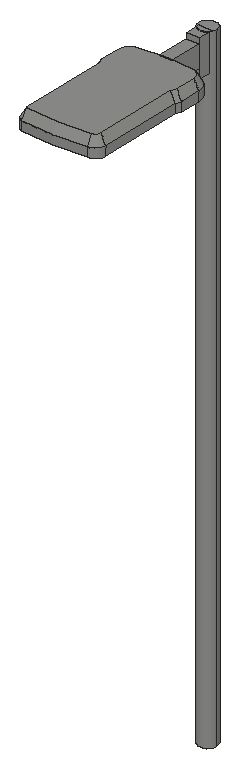
Revit family "VP-3-A_U", category Lighting Fixtures, host Face, Revit 2019
Family settings
  Host = Face
  Round Connector Dimension = Use Diameter
  Part Type = Normal
  OmniClass Number = 23.80.70.11.14.17
  OmniClass Title = Direct/Indirect
  Cut with Voids When Loaded = No
  Light Source = No
  Shared = Yes
  Room Calculation Point = No
Parameters (values of type "VP-3-A3U")
  Wattage Comments = "423.2W"
  Warranty = "Five year warranty"  # constant formula
  Voltage = 120 V
  URL = "https://www.currentlighting.com/beacon"
  Type Comments = "Lighting Fixture"  # constant formula
  Size-3 = SIZE3_A_ : SIZE3_A_
  Product Page URL = "https://www.currentlighting.com/outdoor-lighting/viper-area-size-3/9606405"
  Product Documentation Link = "https://cdn.currentlighting.com/site/specsheet/BEA_VIPERSPEC.pdf"
  Power Factor = 0.9
  Pole Radius [instance] = Pole Size / 2  # 1.75"
  Pole Height [instance] = 122.00"
  Name = "Viper Area Size 3"  # constant formula
  Mounting Block Size [instance] = Pole Size - 1.00"  # 2.50"
  Model = "VP-3-A3U"
  Matt Grey = MATT GREY
  Matt Black = Matt Black
  Manufacturer = "Current Lighting"  # constant formula
  Load Classification = Lighting
  Light Output = 30846.00 cd/m²
  Lamp = "LED"  # constant formula
  Grey = Grey
  Glass = Glass
  Pole Size [instance] = 3.50"
  Features = "Featuring two different optical technologies, Micro Strike and Strike Optics, which provide the best distribution patterns for retrofit or new construction\r\nVibration rated for high vibration applications including bridges and overpasses\r\nControl options including photo control, occupancy sensing, NX Lighting Controls, wiSCAPE and 7-Pin with networked controls\r\nMounting options include: Arm, Universal Arm, Adjustable Arm, Mast Arm, Decorative Arm, Knuckle, Trunnion, Wall\r\nDistribution options include: Auto Front Row, Type 2, Type 3, Type 4 Forward, Type 4 Wide, Type 5 Narrow, Type 5 Medium, Type 5 Wide, Type 5 Rectangular, Corner Optic, and Tennis Court\r\n\r\n"  # constant formula
  Copyright = "© 2022 Current Lighting"  # constant formula
  Cool Grey = Cool Grey
  Contact Us = "https://www.currentlighting.com/contact-us"
  Certification = "UL"  # constant formula
  Description = "The Viper is an extremely versatile area/site luminaire which blends design, performance, and technology for a variety of applications."  # constant formula
  Default Elevation = 48.00"
  Finish = Arctic White
  Matt White = Matt White
  CRI = "70"  # constant formula
  Brand = "Beacon"  # constant formula
  Assembly Code = "D5020200"
  Apparent Load = 423.2 VA
Reference planes (in)
  plane 1 "Center (Front/Back)": y = 6.16697
  plane 2: z = 0
  plane 3 "Center (Left/Right)": x = 0
  plane 4: z = 3.75
  plane 5: z = -4.44
  plane 6: x = -1.75
  plane 7: x = 1.75
  plane 8: y = 4.41697
  plane 9: y = 7.91697
  plane 10: z = 122
Forms (in)
  Extrusion 1, solid, material "Cool Grey" <- "Cool Grey"
    sketch origin (0, 0, 0) x (1, 0, 0) y (0, 1, 0)
      loop
        circle (0, 6.16697) r 1.75
    from 0 to 122
Lines and regions (in)
  reference lines
    curve 1: line (0, 14.42606, -3.25) -> (0, 17.42606, -0.25)
    curve 2: line (0, -2.09213, -3.25) -> (0, 14.42606, -3.25)
    curve 3: line (0, -5.09213, -0.25) -> (0, -2.09213, -3.25)
    curve 4: line (0, 14.42606, -3.25) -> (0, 17.42606, -0.25)
    curve 5: line (0, -5.09213, -0.25) -> (0, 17.42606, -0.25)
    curve 6: line (0, 17.17606, -0.77432) -> (0, 17.92606, -0.77432)
    curve 7: line (0, 17.17606, -1.52432) -> (0, 17.17606, -0.77432)
    curve 8: line (0, 16.69614, -1.52432) -> (0, 17.17606, -1.52432)
    curve 9: line (0, 14.92606, -4.25) -> (0, 16.69614, -1.52432)
    curve 10: line (0, -4.3622, -1.52432) -> (0, -2.59213, -4.25)
    curve 11: line (0, -4.84213, -1.52432) -> (0, -4.3622, -1.52432)
    curve 12: line (0, -4.84213, -0.77432) -> (0, -4.84213, -1.52432)
    curve 13: line (0, -5.59213, -0.77432) -> (0, -4.84213, -0.77432)
Dimensions and locks (in)
  plane 4 to plane 2 = 3.75"
  "Pole Size": plane 8 to plane 9
  equal spacing: plane 8, plane 1 "Center (Front/Back)", plane 9
  equal spacing: plane 6, plane 3 "Center (Left/Right)", plane 7
  "Pole Size": plane 6 to plane 7
  "Pole Height": plane 10 to plane 2
  "Pole Radius": radius of Extrusion 1 sketch curve
  aligned and locked: plane 2 to host face
  aligned and locked: level to host face
  aligned and locked: plane 10 to Extrusion 1
  aligned and locked: plane 3 "Center (Left/Right)" to nested 1
  aligned and locked: plane 10 to nested 1
Automatic sketch dimensions
  host sketch curve to host sketch curve = 96.00"
  host sketch curve to host sketch curve = 85.00"
  curve 3 to level = 0.25"
  plane 8 to curve 3 = 9.50909"
  curve 3 to curve 12 = 0.25"
  curve 11 to curve 11 = 0.47992"
  curve 2 to plane 5 = 1.19"
  curve 10 to curve 2 = 2.27008"
  curve 1 to plane 9 = 6.50909"
  curve 9 to level = 1.52432"
  curve 1 to curve 9 = 2.27008"
  curve 8 to curve 8 = 0.47992"
  curve 6 to curve 4 = 0.25"
  curve 10 to curve 3 = 1.27432"
  curve 7 to curve 1 = 0.52432"
  curve 12 to curve 3 = 0.52432"
  curve 13 to curve 3 = 0.50"
  curve 10 to plane 5 = 0.19"
  curve 10 to curve 2 = 0.50"
  curve 9 to plane 5 = 0.19"
  curve 1 to curve 9 = 0.50"
  curve 1 to curve 6 = 0.50"
  plane 1 "Center (Front/Back)" to Extrusion 1 sketch curve = 0.00"
  Extrusion 1 sketch curve to plane 3 "Center (Left/Right)" = 0.00"
Nested families (in)
  nested 1: "SIZE3_A_" at (0, 4.41697, 119.21322) x (1, 0, 0) z (0, -1, 0), type <- "Size-3", type "SIZE3_A_"
Connectors (in)
  electrical at (0, 6.16697, 0), driven by "Power Factor", driven by "Apparent Load", driven by "Voltage"
    settings: on Extrusion 1, index 1, voltage 120 V, apparent load 423.2 VA, apparent load phase1 0 VA, apparent load phase2 0 VA, apparent load phase3 0 VA, power factor 0.9, load classification "Other", number of poles 1, system type 30, power factor state 1, is connector primary yes, connector utility no, sub classification motor no, connector description "Light Fixture"
Definition of nested family "SIZE3_A_"
  Parameters (values of type "SIZE3_A_")
    Width = 16.11"
    Wattage = 423.2 W
    built-in parameter 1150110 = 1 (stored number, unit not read)
    built-in parameter 1114217 = 1 (stored number, unit not read)
    Tilt Angle = 160.00°
    built-in parameter 1150109 = 1 (stored number, unit not read)
    built-in parameter 1150134 = 3
    built-in parameter 1150113 = 1 (stored number, unit not read)
    Photometric Web File = "VP-3-480L-425-3K7-4W-BC.ies"
    Mounting Base Width = 2.50"
    Mount Length = 7.50"
    built-in parameter 1150105 = 2458.4 (stored number, unit not read)
    Lumens = 30893.6 lm
    built-in parameter 1150115 = 1 (stored number, unit not read)
    built-in parameter 1150137 = (empty or 0)
    built-in parameter 1150139 = (empty or 0)
    Length = 26.97"
    built-in parameter 1150112 = 1 (stored number, unit not read)
    built-in parameter 1150114 = 1 (stored number, unit not read)
    built-in parameter 1150132 = (empty or 0)
    built-in parameter 1150102 = (empty or 0)
    built-in parameter 1150107 = 3200 (stored number, unit not read)
    built-in parameter 1150138 = (empty or 0)
    built-in parameter 1150106 = 24.584 (stored number, unit not read)
    Glass = none
    Fixture = none
    built-in parameter 1150104 = 6.7819 (stored number, unit not read)
    Dimming Lamp Color Temperature Shift = (empty or 0)
    Default Elevation = 48.00"
    Color Filter = 16777215
    built-in parameter 1114218 = 1 (stored number, unit not read)
    built-in parameter 1150133 = 10 (stored number, unit not read)
  Reference planes (in)
    plane 1 "Center (Front/Back)": y = 0
    plane 2: z = 0
    plane 3 "Center (Left/Right)": x = 0
    plane 4: x = 8.055
    plane 5: x = -8.055
    plane 6: z = 7.5
    plane 7: z = 34.47
    plane 8: y = -1.74
    plane 9: y = 1.74
    plane 10: x = 1.25
    plane 11: x = -1.25
  Forms (in)
    Extrusion 1, solid
      sketch origin (0, 0, 0) x (1, 0, 0) y (0, 1, 0)
        loop
          line (-48, 48) -> (-48, -48) -> (48, -48) -> (48, 48) -> (-48, 48)
      from 0 to -12
    Extrusion 2, solid, material <- "Fixture"
      sketch origin (0, 0, 0) x (1, 0, 0) y (0, 0, 1)
        loop
          line (-7.77472, 15.72202) -> (-8.18, 14.67799) -> (-8.18, 10.64521)
          arc (-8.18, 10.64521) -> (-7.52407, 8.68733) -> (-5.82104, 7.51974) r 3.25
          arc (-5.82104, 7.51974) -> (0, 7.02866) -> (5.82104, 7.51974) r 34.74571
          arc (5.82104, 7.51974) -> (7.52407, 8.68733) -> (8.18, 10.64521) r 3.25
          line (8.18, 10.64521) -> (8.18, 14.67799) -> (7.7425, 15.80502) -> (7.7425, 32.05879)
          arc (7.7425, 32.05879) -> (7.16964, 33.45997) -> (5.77922, 34.05846) r 2
          arc (5.77922, 34.05846) -> (-0.48981, 34.44343) -> (-6.75192, 33.95884) r 45.36519
          arc (-6.75192, 33.95884) -> (-7.48558, 33.52919) -> (-7.77472, 32.72966) r 1.25
          line (-7.77472, 32.72966) -> (-7.77472, 15.72202)
      from 0 to 1.74
    Extrusion 3, solid, material <- "Fixture"
      sketch origin (0, 0, 0) x (0, 1, 0) y (0, 0, 1)
        loop
          line (1.74, 8.13918) -> (-1.6273, 8.13918) -> (-2.86955, -1.406) -> (1.74, -1.406) -> (1.74, 8.13918)
      from -1.24 to 1.24
    Extrusion 4, void
      sketch origin (0, 0, 0) x (1, 0, 0) y (0, 0, 1)
        loop
          arc (-6.77608, 15.13973) -> (0.07705, 15.56709) -> (6.93, 15.13674) r 54.96889
          line (6.93, 15.13674) -> (6.93, 32.15182) -> (-6.77608, 32.15182) -> (-6.77608, 15.13973)
      from 1 to 1.75
    Extrusion 5, solid, material <- "Glass"
      sketch origin (0, 0, 0) x (1, 0, 0) y (0, 0, 1)
        loop
          arc (-5.55487, 32.15182) -> (-5.80236, 32.04931) -> (-5.90487, 31.80182) r 0.35
          line (-5.90487, 31.80182) -> (-5.90487, 27.00182)
          arc (-5.90487, 27.00182) -> (-5.80236, 26.75434) -> (-5.55487, 26.65182) r 0.35
          line (-5.55487, 26.65182) -> (5.55487, 26.65182)
          arc (5.55487, 26.65182) -> (5.80236, 26.75434) -> (5.90487, 27.00182) r 0.35
          line (5.90487, 27.00182) -> (5.90487, 31.80182)
          arc (5.90487, 31.80182) -> (5.80236, 32.04931) -> (5.55487, 32.15182) r 0.35
          line (5.55487, 32.15182) -> (-5.55487, 32.15182)
      from 1 to 1.35
    Extrusion 6, solid, material <- "Glass"
      sketch origin (0.75, 0, 0.125) x (1, 0, 0) y (0, 0, 1)
        loop
          circle (-5.72329, 31.32694) r 0.15
        loop
          circle (-5.20455, 31.32694) r 0.15
        loop
          circle (-4.6858, 31.32694) r 0.15
        loop
          circle (-4.16705, 31.32694) r 0.15
        loop
          circle (-3.6483, 31.32694) r 0.15
        loop
          circle (-3.12955, 31.32694) r 0.15
        loop
          circle (-2.6108, 31.32694) r 0.15
        loop
          circle (-2.09205, 31.32694) r 0.15
        loop
          circle (-1.57331, 31.32694) r 0.15
        loop
          circle (-5.72329, 30.82694) r 0.15
        loop
          circle (-5.20455, 30.82694) r 0.15
        loop
          circle (-4.6858, 30.82694) r 0.15
        loop
          circle (-4.16705, 30.82694) r 0.15
        loop
          circle (-3.6483, 30.82694) r 0.15
        loop
          circle (-3.12955, 30.82694) r 0.15
        loop
          circle (-2.6108, 30.82694) r 0.15
        loop
          circle (-2.09205, 30.82694) r 0.15
        loop
          circle (-1.57331, 30.82694) r 0.15
        loop
          circle (-5.72329, 30.32694) r 0.15
        loop
          circle (-5.20455, 30.32694) r 0.15
        loop
          circle (-4.6858, 30.32694) r 0.15
        loop
          circle (-4.16705, 30.32694) r 0.15
        loop
          circle (-3.6483, 30.32694) r 0.15
        loop
          circle (-3.12955, 30.32694) r 0.15
        loop
          circle (-2.6108, 30.32694) r 0.15
        loop
          circle (-2.09205, 30.32694) r 0.15
        loop
          circle (-1.57331, 30.32694) r 0.15
        loop
          circle (-5.72329, 29.82694) r 0.15
        loop
          circle (-5.20455, 29.82694) r 0.15
        loop
          circle (-4.6858, 29.82694) r 0.15
        loop
          circle (-4.16705, 29.82694) r 0.15
        loop
          circle (-3.6483, 29.82694) r 0.15
        loop
          circle (-3.12955, 29.82694) r 0.15
        loop
          circle (-2.6108, 29.82694) r 0.15
        loop
          circle (-2.09205, 29.82694) r 0.15
        loop
          circle (-1.57331, 29.82694) r 0.15
        loop
          circle (-5.72329, 29.32694) r 0.15
        loop
          circle (-5.20455, 29.32694) r 0.15
        loop
          circle (-4.6858, 29.32694) r 0.15
        loop
          circle (-4.16705, 29.32694) r 0.15
        loop
          circle (-3.6483, 29.32694) r 0.15
        loop
          circle (-3.12955, 29.32694) r 0.15
        loop
          circle (-2.6108, 29.32694) r 0.15
        loop
          circle (-2.09205, 29.32694) r 0.15
        loop
          circle (-1.57331, 29.32694) r 0.15
        loop
          circle (-5.72329, 28.82694) r 0.15
        loop
          circle (-5.20455, 28.82694) r 0.15
        loop
          circle (-4.6858, 28.82694) r 0.15
        loop
          circle (-4.16705, 28.82694) r 0.15
        loop
          circle (-3.6483, 28.82694) r 0.15
        loop
          circle (-3.12955, 28.82694) r 0.15
        loop
          circle (-2.6108, 28.82694) r 0.15
        loop
          circle (-2.09205, 28.82694) r 0.15
        loop
          circle (-1.57331, 28.82694) r 0.15
        loop
          circle (-5.72329, 28.32694) r 0.15
        loop
          circle (-5.20455, 28.32694) r 0.15
        loop
          circle (-4.6858, 28.32694) r 0.15
        loop
          circle (-4.16705, 28.32694) r 0.15
        loop
          circle (-3.6483, 28.32694) r 0.15
        loop
          circle (-3.12955, 28.32694) r 0.15
        loop
          circle (-2.6108, 28.32694) r 0.15
        loop
          circle (-2.09205, 28.32694) r 0.15
        loop
          circle (-1.57331, 28.32694) r 0.15
        loop
          circle (-5.72329, 27.82694) r 0.15
        loop
          circle (-5.20455, 27.82694) r 0.15
        loop
          circle (-4.6858, 27.82694) r 0.15
        loop
          circle (-4.16705, 27.82694) r 0.15
        loop
          circle (-3.6483, 27.82694) r 0.15
        loop
          circle (-3.12955, 27.82694) r 0.15
        loop
          circle (-2.6108, 27.82694) r 0.15
        loop
          circle (-2.09205, 27.82694) r 0.15
        loop
          circle (-1.57331, 27.82694) r 0.15
        loop
          circle (-5.72329, 27.32694) r 0.15
        loop
          circle (-5.20455, 27.32694) r 0.15
        loop
          circle (-4.6858, 27.32694) r 0.15
        loop
          circle (-4.16705, 27.32694) r 0.15
        loop
          circle (-3.6483, 27.32694) r 0.15
        loop
          circle (-3.12955, 27.32694) r 0.15
        loop
          circle (-2.6108, 27.32694) r 0.15
        loop
          circle (-2.09205, 27.32694) r 0.15
        loop
          circle (-1.57331, 27.32694) r 0.15
      from 1.35 to 1.4
    Extrusion 7, solid, material <- "Glass"
      sketch origin (0, 0, 0.125) x (1, 0, 0) y (0, 0, 1)
        loop
          arc (-5.41155, 31.8309) -> (-5.58833, 31.75768) -> (-5.66155, 31.5809) r 0.25
          line (-5.66155, 31.5809) -> (-5.66155, 27.0809)
          arc (-5.66155, 27.0809) -> (-5.58833, 26.90412) -> (-5.41155, 26.8309) r 0.25
          line (-5.41155, 26.8309) -> (-0.54655, 26.8309)
          arc (-0.54655, 26.8309) -> (-0.36977, 26.90412) -> (-0.29655, 27.0809) r 0.25
          line (-0.29655, 27.0809) -> (-0.29655, 31.5809)
          arc (-0.29655, 31.5809) -> (-0.36977, 31.75768) -> (-0.54655, 31.8309) r 0.25
          line (-0.54655, 31.8309) -> (-5.41155, 31.8309)
      from 1.35 to 1.37213
    Extrusion 8, solid, material <- "Fixture"
      sketch origin (0.125, 0, 12.5) x (1, 0, 0) y (0, 1, 0)
        loop
          line (5.93193, -1) -> (5.93193, -1.20146)
          arc (5.93193, -1.20146) -> (5.93867, -1.23973) -> (5.95811, -1.27339) r 0.1119
          line (5.95811, -1.27339) -> (6.31867, -1.70309)
          arc (6.31867, -1.70309) -> (6.34664, -1.72455) -> (6.38107, -1.73219) r 0.08147
          line (6.38107, -1.73219) -> (6.805, -1.73219) -> (6.805, -1) -> (5.93193, -1)
      from 18.55 to 18.65
    Extrusion 9, solid, material <- "Glass"
      sketch origin (-0.75, 0, 0.125) x (-1, 0, 0) y (0, 0, -1)
        loop
          circle (-5.72329, -31.32694) r 0.15
        loop
          circle (-5.20455, -31.32694) r 0.15
        loop
          circle (-4.6858, -31.32694) r 0.15
        loop
          circle (-4.16705, -31.32694) r 0.15
        loop
          circle (-3.6483, -31.32694) r 0.15
        loop
          circle (-3.12955, -31.32694) r 0.15
        loop
          circle (-2.6108, -31.32694) r 0.15
        loop
          circle (-2.09205, -31.32694) r 0.15
        loop
          circle (-1.57331, -31.32694) r 0.15
        loop
          circle (-5.72329, -30.82694) r 0.15
        loop
          circle (-5.20455, -30.82694) r 0.15
        loop
          circle (-4.6858, -30.82694) r 0.15
        loop
          circle (-4.16705, -30.82694) r 0.15
        loop
          circle (-3.6483, -30.82694) r 0.15
        loop
          circle (-3.12955, -30.82694) r 0.15
        loop
          circle (-2.6108, -30.82694) r 0.15
        loop
          circle (-2.09205, -30.82694) r 0.15
        loop
          circle (-1.57331, -30.82694) r 0.15
        loop
          circle (-5.72329, -30.32694) r 0.15
        loop
          circle (-5.20455, -30.32694) r 0.15
        loop
          circle (-4.6858, -30.32694) r 0.15
        loop
          circle (-4.16705, -30.32694) r 0.15
        loop
          circle (-3.6483, -30.32694) r 0.15
        loop
          circle (-3.12955, -30.32694) r 0.15
        loop
          circle (-2.6108, -30.32694) r 0.15
        loop
          circle (-2.09205, -30.32694) r 0.15
        loop
          circle (-1.57331, -30.32694) r 0.15
        loop
          circle (-5.72329, -29.82694) r 0.15
        loop
          circle (-5.20455, -29.82694) r 0.15
        loop
          circle (-4.6858, -29.82694) r 0.15
        loop
          circle (-4.16705, -29.82694) r 0.15
        loop
          circle (-3.6483, -29.82694) r 0.15
        loop
          circle (-3.12955, -29.82694) r 0.15
        loop
          circle (-2.6108, -29.82694) r 0.15
        loop
          circle (-2.09205, -29.82694) r 0.15
        loop
          circle (-1.57331, -29.82694) r 0.15
        loop
          circle (-5.72329, -29.32694) r 0.15
        loop
          circle (-5.20455, -29.32694) r 0.15
        loop
          circle (-4.6858, -29.32694) r 0.15
        loop
          circle (-4.16705, -29.32694) r 0.15
        loop
          circle (-3.6483, -29.32694) r 0.15
        loop
          circle (-3.12955, -29.32694) r 0.15
        loop
          circle (-2.6108, -29.32694) r 0.15
        loop
          circle (-2.09205, -29.32694) r 0.15
        loop
          circle (-1.57331, -29.32694) r 0.15
        loop
          circle (-5.72329, -28.82694) r 0.15
        loop
          circle (-5.20455, -28.82694) r 0.15
        loop
          circle (-4.6858, -28.82694) r 0.15
        loop
          circle (-4.16705, -28.82694) r 0.15
        loop
          circle (-3.6483, -28.82694) r 0.15
        loop
          circle (-3.12955, -28.82694) r 0.15
        loop
          circle (-2.6108, -28.82694) r 0.15
        loop
          circle (-2.09205, -28.82694) r 0.15
        loop
          circle (-1.57331, -28.82694) r 0.15
        loop
          circle (-5.72329, -28.32694) r 0.15
        loop
          circle (-5.20455, -28.32694) r 0.15
        loop
          circle (-4.6858, -28.32694) r 0.15
        loop
          circle (-4.16705, -28.32694) r 0.15
        loop
          circle (-3.6483, -28.32694) r 0.15
        loop
          circle (-3.12955, -28.32694) r 0.15
        loop
          circle (-2.6108, -28.32694) r 0.15
        loop
          circle (-2.09205, -28.32694) r 0.15
        loop
          circle (-1.57331, -28.32694) r 0.15
        loop
          circle (-5.72329, -27.82694) r 0.15
        loop
          circle (-5.20455, -27.82694) r 0.15
        loop
          circle (-4.6858, -27.82694) r 0.15
        loop
          circle (-4.16705, -27.82694) r 0.15
        loop
          circle (-3.6483, -27.82694) r 0.15
        loop
          circle (-3.12955, -27.82694) r 0.15
        loop
          circle (-2.6108, -27.82694) r 0.15
        loop
          circle (-2.09205, -27.82694) r 0.15
        loop
          circle (-1.57331, -27.82694) r 0.15
        loop
          circle (-5.72329, -27.32694) r 0.15
        loop
          circle (-5.20455, -27.32694) r 0.15
        loop
          circle (-4.6858, -27.32694) r 0.15
        loop
          circle (-4.16705, -27.32694) r 0.15
        loop
          circle (-3.6483, -27.32694) r 0.15
        loop
          circle (-3.12955, -27.32694) r 0.15
        loop
          circle (-2.6108, -27.32694) r 0.15
        loop
          circle (-2.09205, -27.32694) r 0.15
        loop
          circle (-1.57331, -27.32694) r 0.15
      from 1.35 to 1.4
    Extrusion 10, solid, material <- "Glass"
      sketch origin (0, 0, 0.125) x (-1, 0, 0) y (0, 0, -1)
        loop
          line (-5.41155, -31.8309) -> (-0.54655, -31.8309)
          arc (-0.54655, -31.8309) -> (-0.36977, -31.75768) -> (-0.29655, -31.5809) r 0.25
          line (-0.29655, -31.5809) -> (-0.29655, -27.0809)
          arc (-0.29655, -27.0809) -> (-0.36977, -26.90412) -> (-0.54655, -26.8309) r 0.25
          line (-0.54655, -26.8309) -> (-5.41155, -26.8309)
          arc (-5.41155, -26.8309) -> (-5.58833, -26.90412) -> (-5.66155, -27.0809) r 0.25
          line (-5.66155, -27.0809) -> (-5.66155, -31.5809)
          arc (-5.66155, -31.5809) -> (-5.58833, -31.75768) -> (-5.41155, -31.8309) r 0.25
      from 1.35 to 1.37213
    Extrusion 11, solid, material <- "Glass"
      sketch origin (0, 0, -5.25) x (1, 0, 0) y (0, 0, 1)
        loop
          arc (-5.55487, 31.90182) -> (-5.80236, 31.79931) -> (-5.90487, 31.55182) r 0.35
          line (-5.90487, 31.55182) -> (-5.90487, 26.75182)
          arc (-5.90487, 26.75182) -> (-5.80236, 26.50434) -> (-5.55487, 26.40182) r 0.35
          line (-5.55487, 26.40182) -> (5.55487, 26.40182)
          arc (5.55487, 26.40182) -> (5.80236, 26.50434) -> (5.90487, 26.75182) r 0.35
          line (5.90487, 26.75182) -> (5.90487, 31.55182)
          arc (5.90487, 31.55182) -> (5.80236, 31.79931) -> (5.55487, 31.90182) r 0.35
          line (5.55487, 31.90182) -> (-5.55487, 31.90182)
      from 1 to 1.35
    Extrusion 12, solid, material <- "Glass"
      sketch origin (0.75, 0, -5.375) x (1, 0, 0) y (0, 0, 1)
        loop
          circle (-5.72329, 31.32694) r 0.15
        loop
          circle (-5.20455, 31.32694) r 0.15
        loop
          circle (-4.6858, 31.32694) r 0.15
        loop
          circle (-4.16705, 31.32694) r 0.15
        loop
          circle (-3.6483, 31.32694) r 0.15
        loop
          circle (-3.12955, 31.32694) r 0.15
        loop
          circle (-2.6108, 31.32694) r 0.15
        loop
          circle (-2.09205, 31.32694) r 0.15
        loop
          circle (-1.57331, 31.32694) r 0.15
        loop
          circle (-5.72329, 30.82694) r 0.15
        loop
          circle (-5.20455, 30.82694) r 0.15
        loop
          circle (-4.6858, 30.82694) r 0.15
        loop
          circle (-4.16705, 30.82694) r 0.15
        loop
          circle (-3.6483, 30.82694) r 0.15
        loop
          circle (-3.12955, 30.82694) r 0.15
        loop
          circle (-2.6108, 30.82694) r 0.15
        loop
          circle (-2.09205, 30.82694) r 0.15
        loop
          circle (-1.57331, 30.82694) r 0.15
        loop
          circle (-5.72329, 30.32694) r 0.15
        loop
          circle (-5.20455, 30.32694) r 0.15
        loop
          circle (-4.6858, 30.32694) r 0.15
        loop
          circle (-4.16705, 30.32694) r 0.15
        loop
          circle (-3.6483, 30.32694) r 0.15
        loop
          circle (-3.12955, 30.32694) r 0.15
        loop
          circle (-2.6108, 30.32694) r 0.15
        loop
          circle (-2.09205, 30.32694) r 0.15
        loop
          circle (-1.57331, 30.32694) r 0.15
        loop
          circle (-5.72329, 29.82694) r 0.15
        loop
          circle (-5.20455, 29.82694) r 0.15
        loop
          circle (-4.6858, 29.82694) r 0.15
        loop
          circle (-4.16705, 29.82694) r 0.15
        loop
          circle (-3.6483, 29.82694) r 0.15
        loop
          circle (-3.12955, 29.82694) r 0.15
        loop
          circle (-2.6108, 29.82694) r 0.15
        loop
          circle (-2.09205, 29.82694) r 0.15
        loop
          circle (-1.57331, 29.82694) r 0.15
        loop
          circle (-5.72329, 29.32694) r 0.15
        loop
          circle (-5.20455, 29.32694) r 0.15
        loop
          circle (-4.6858, 29.32694) r 0.15
        loop
          circle (-4.16705, 29.32694) r 0.15
        loop
          circle (-3.6483, 29.32694) r 0.15
        loop
          circle (-3.12955, 29.32694) r 0.15
        loop
          circle (-2.6108, 29.32694) r 0.15
        loop
          circle (-2.09205, 29.32694) r 0.15
        loop
          circle (-1.57331, 29.32694) r 0.15
        loop
          circle (-5.72329, 28.82694) r 0.15
        loop
          circle (-5.20455, 28.82694) r 0.15
        loop
          circle (-4.6858, 28.82694) r 0.15
        loop
          circle (-4.16705, 28.82694) r 0.15
        loop
          circle (-3.6483, 28.82694) r 0.15
        loop
          circle (-3.12955, 28.82694) r 0.15
        loop
          circle (-2.6108, 28.82694) r 0.15
        loop
          circle (-2.09205, 28.82694) r 0.15
        loop
          circle (-1.57331, 28.82694) r 0.15
        loop
          circle (-5.72329, 28.32694) r 0.15
        loop
          circle (-5.20455, 28.32694) r 0.15
        loop
          circle (-4.6858, 28.32694) r 0.15
        loop
          circle (-4.16705, 28.32694) r 0.15
        loop
          circle (-3.6483, 28.32694) r 0.15
        loop
          circle (-3.12955, 28.32694) r 0.15
        loop
          circle (-2.6108, 28.32694) r 0.15
        loop
          circle (-2.09205, 28.32694) r 0.15
        loop
          circle (-1.57331, 28.32694) r 0.15
        loop
          circle (-5.72329, 27.82694) r 0.15
        loop
          circle (-5.20455, 27.82694) r 0.15
        loop
          circle (-4.6858, 27.82694) r 0.15
        loop
          circle (-4.16705, 27.82694) r 0.15
        loop
          circle (-3.6483, 27.82694) r 0.15
        loop
          circle (-3.12955, 27.82694) r 0.15
        loop
          circle (-2.6108, 27.82694) r 0.15
        loop
          circle (-2.09205, 27.82694) r 0.15
        loop
          circle (-1.57331, 27.82694) r 0.15
        loop
          circle (-5.72329, 27.32694) r 0.15
        loop
          circle (-5.20455, 27.32694) r 0.15
        loop
          circle (-4.6858, 27.32694) r 0.15
        loop
          circle (-4.16705, 27.32694) r 0.15
        loop
          circle (-3.6483, 27.32694) r 0.15
        loop
          circle (-3.12955, 27.32694) r 0.15
        loop
          circle (-2.6108, 27.32694) r 0.15
        loop
          circle (-2.09205, 27.32694) r 0.15
        loop
          circle (-1.57331, 27.32694) r 0.15
      from 1.35 to 1.4
    Extrusion 13, solid, material <- "Glass"
      sketch origin (0, 0, -5.375) x (1, 0, 0) y (0, 0, 1)
        loop
          arc (-5.41155, 31.8309) -> (-5.58833, 31.75768) -> (-5.66155, 31.5809) r 0.25
          line (-5.66155, 31.5809) -> (-5.66155, 27.0809)
          arc (-5.66155, 27.0809) -> (-5.58833, 26.90412) -> (-5.41155, 26.8309) r 0.25
          line (-5.41155, 26.8309) -> (-0.54655, 26.8309)
          arc (-0.54655, 26.8309) -> (-0.36977, 26.90412) -> (-0.29655, 27.0809) r 0.25
          line (-0.29655, 27.0809) -> (-0.29655, 31.5809)
          arc (-0.29655, 31.5809) -> (-0.36977, 31.75768) -> (-0.54655, 31.8309) r 0.25
          line (-0.54655, 31.8309) -> (-5.41155, 31.8309)
      from 1.35 to 1.37213
    Extrusion 14, solid, material <- "Glass"
      sketch origin (-0.75, 0, -5.375) x (-1, 0, 0) y (0, 0, -1)
        loop
          circle (-5.72329, -31.32694) r 0.15
        loop
          circle (-5.20455, -31.32694) r 0.15
        loop
          circle (-4.6858, -31.32694) r 0.15
        loop
          circle (-4.16705, -31.32694) r 0.15
        loop
          circle (-3.6483, -31.32694) r 0.15
        loop
          circle (-3.12955, -31.32694) r 0.15
        loop
          circle (-2.6108, -31.32694) r 0.15
        loop
          circle (-2.09205, -31.32694) r 0.15
        loop
          circle (-1.57331, -31.32694) r 0.15
        loop
          circle (-5.72329, -30.82694) r 0.15
        loop
          circle (-5.20455, -30.82694) r 0.15
        loop
          circle (-4.6858, -30.82694) r 0.15
        loop
          circle (-4.16705, -30.82694) r 0.15
        loop
          circle (-3.6483, -30.82694) r 0.15
        loop
          circle (-3.12955, -30.82694) r 0.15
        loop
          circle (-2.6108, -30.82694) r 0.15
        loop
          circle (-2.09205, -30.82694) r 0.15
        loop
          circle (-1.57331, -30.82694) r 0.15
        loop
          circle (-5.72329, -30.32694) r 0.15
        loop
          circle (-5.20455, -30.32694) r 0.15
        loop
          circle (-4.6858, -30.32694) r 0.15
        loop
          circle (-4.16705, -30.32694) r 0.15
        loop
          circle (-3.6483, -30.32694) r 0.15
        loop
          circle (-3.12955, -30.32694) r 0.15
        loop
          circle (-2.6108, -30.32694) r 0.15
        loop
          circle (-2.09205, -30.32694) r 0.15
        loop
          circle (-1.57331, -30.32694) r 0.15
        loop
          circle (-5.72329, -29.82694) r 0.15
        loop
          circle (-5.20455, -29.82694) r 0.15
        loop
          circle (-4.6858, -29.82694) r 0.15
        loop
          circle (-4.16705, -29.82694) r 0.15
        loop
          circle (-3.6483, -29.82694) r 0.15
        loop
          circle (-3.12955, -29.82694) r 0.15
        loop
          circle (-2.6108, -29.82694) r 0.15
        loop
          circle (-2.09205, -29.82694) r 0.15
        loop
          circle (-1.57331, -29.82694) r 0.15
        loop
          circle (-5.72329, -29.32694) r 0.15
        loop
          circle (-5.20455, -29.32694) r 0.15
        loop
          circle (-4.6858, -29.32694) r 0.15
        loop
          circle (-4.16705, -29.32694) r 0.15
        loop
          circle (-3.6483, -29.32694) r 0.15
        loop
          circle (-3.12955, -29.32694) r 0.15
        loop
          circle (-2.6108, -29.32694) r 0.15
        loop
          circle (-2.09205, -29.32694) r 0.15
        loop
          circle (-1.57331, -29.32694) r 0.15
        loop
          circle (-5.72329, -28.82694) r 0.15
        loop
          circle (-5.20455, -28.82694) r 0.15
        loop
          circle (-4.6858, -28.82694) r 0.15
        loop
          circle (-4.16705, -28.82694) r 0.15
        loop
          circle (-3.6483, -28.82694) r 0.15
        loop
          circle (-3.12955, -28.82694) r 0.15
        loop
          circle (-2.6108, -28.82694) r 0.15
        loop
          circle (-2.09205, -28.82694) r 0.15
        loop
          circle (-1.57331, -28.82694) r 0.15
        loop
          circle (-5.72329, -28.32694) r 0.15
        loop
          circle (-5.20455, -28.32694) r 0.15
        loop
          circle (-4.6858, -28.32694) r 0.15
        loop
          circle (-4.16705, -28.32694) r 0.15
        loop
          circle (-3.6483, -28.32694) r 0.15
        loop
          circle (-3.12955, -28.32694) r 0.15
        loop
          circle (-2.6108, -28.32694) r 0.15
        loop
          circle (-2.09205, -28.32694) r 0.15
        loop
          circle (-1.57331, -28.32694) r 0.15
        loop
          circle (-5.72329, -27.82694) r 0.15
        loop
          circle (-5.20455, -27.82694) r 0.15
        loop
          circle (-4.6858, -27.82694) r 0.15
        loop
          circle (-4.16705, -27.82694) r 0.15
        loop
          circle (-3.6483, -27.82694) r 0.15
        loop
          circle (-3.12955, -27.82694) r 0.15
        loop
          circle (-2.6108, -27.82694) r 0.15
        loop
          circle (-2.09205, -27.82694) r 0.15
        loop
          circle (-1.57331, -27.82694) r 0.15
        loop
          circle (-5.72329, -27.32694) r 0.15
        loop
          circle (-5.20455, -27.32694) r 0.15
        loop
          circle (-4.6858, -27.32694) r 0.15
        loop
          circle (-4.16705, -27.32694) r 0.15
        loop
          circle (-3.6483, -27.32694) r 0.15
        loop
          circle (-3.12955, -27.32694) r 0.15
        loop
          circle (-2.6108, -27.32694) r 0.15
        loop
          circle (-2.09205, -27.32694) r 0.15
        loop
          circle (-1.57331, -27.32694) r 0.15
      from 1.35 to 1.4
    Extrusion 15, solid, material <- "Glass"
      sketch origin (0, 0, -5.375) x (-1, 0, 0) y (0, 0, -1)
        loop
          line (-5.41155, -31.8309) -> (-0.54655, -31.8309)
          arc (-0.54655, -31.8309) -> (-0.36977, -31.75768) -> (-0.29655, -31.5809) r 0.25
          line (-0.29655, -31.5809) -> (-0.29655, -27.0809)
          arc (-0.29655, -27.0809) -> (-0.36977, -26.90412) -> (-0.54655, -26.8309) r 0.25
          line (-0.54655, -26.8309) -> (-5.41155, -26.8309)
          arc (-5.41155, -26.8309) -> (-5.58833, -26.90412) -> (-5.66155, -27.0809) r 0.25
          line (-5.66155, -27.0809) -> (-5.66155, -31.5809)
          arc (-5.66155, -31.5809) -> (-5.58833, -31.75768) -> (-5.41155, -31.8309) r 0.25
      from 1.35 to 1.37213
    Extrusion 16, solid, material <- "Glass"
      sketch origin (0, 0, 47.80365) x (1, 0, 0) y (0, 0, 1)
        loop
          line (-5.55487, -32.15182) -> (5.55487, -32.15182)
          arc (5.55487, -32.15182) -> (5.80236, -32.04931) -> (5.90487, -31.80182) r 0.35
          line (5.90487, -31.80182) -> (5.90487, -27.00182)
          arc (5.90487, -27.00182) -> (5.80236, -26.75434) -> (5.55487, -26.65182) r 0.35
          line (5.55487, -26.65182) -> (-5.55487, -26.65182)
          arc (-5.55487, -26.65182) -> (-5.80236, -26.75434) -> (-5.90487, -27.00182) r 0.35
          line (-5.90487, -27.00182) -> (-5.90487, -31.80182)
          arc (-5.90487, -31.80182) -> (-5.80236, -32.04931) -> (-5.55487, -32.15182) r 0.35
      from 1 to 1.35
    Extrusion 17, solid, material <- "Glass"
      sketch origin (0.75, 0, 47.67865) x (1, 0, 0) y (0, 0, 1)
        loop
          circle (-5.72329, -31.32694) r 0.15
        loop
          circle (-5.20455, -31.32694) r 0.15
        loop
          circle (-4.6858, -31.32694) r 0.15
        loop
          circle (-4.16705, -31.32694) r 0.15
        loop
          circle (-3.6483, -31.32694) r 0.15
        loop
          circle (-3.12955, -31.32694) r 0.15
        loop
          circle (-2.6108, -31.32694) r 0.15
        loop
          circle (-2.09205, -31.32694) r 0.15
        loop
          circle (-1.57331, -31.32694) r 0.15
        loop
          circle (-5.72329, -30.82694) r 0.15
        loop
          circle (-5.20455, -30.82694) r 0.15
        loop
          circle (-4.6858, -30.82694) r 0.15
        loop
          circle (-4.16705, -30.82694) r 0.15
        loop
          circle (-3.6483, -30.82694) r 0.15
        loop
          circle (-3.12955, -30.82694) r 0.15
        loop
          circle (-2.6108, -30.82694) r 0.15
        loop
          circle (-2.09205, -30.82694) r 0.15
        loop
          circle (-1.57331, -30.82694) r 0.15
        loop
          circle (-5.72329, -30.32694) r 0.15
        loop
          circle (-5.20455, -30.32694) r 0.15
        loop
          circle (-4.6858, -30.32694) r 0.15
        loop
          circle (-4.16705, -30.32694) r 0.15
        loop
          circle (-3.6483, -30.32694) r 0.15
        loop
          circle (-3.12955, -30.32694) r 0.15
        loop
          circle (-2.6108, -30.32694) r 0.15
        loop
          circle (-2.09205, -30.32694) r 0.15
        loop
          circle (-1.57331, -30.32694) r 0.15
        loop
          circle (-5.72329, -29.82694) r 0.15
        loop
          circle (-5.20455, -29.82694) r 0.15
        loop
          circle (-4.6858, -29.82694) r 0.15
        loop
          circle (-4.16705, -29.82694) r 0.15
        loop
          circle (-3.6483, -29.82694) r 0.15
        loop
          circle (-3.12955, -29.82694) r 0.15
        loop
          circle (-2.6108, -29.82694) r 0.15
        loop
          circle (-2.09205, -29.82694) r 0.15
        loop
          circle (-1.57331, -29.82694) r 0.15
        loop
          circle (-5.72329, -29.32694) r 0.15
        loop
          circle (-5.20455, -29.32694) r 0.15
        loop
          circle (-4.6858, -29.32694) r 0.15
        loop
          circle (-4.16705, -29.32694) r 0.15
        loop
          circle (-3.6483, -29.32694) r 0.15
        loop
          circle (-3.12955, -29.32694) r 0.15
        loop
          circle (-2.6108, -29.32694) r 0.15
        loop
          circle (-2.09205, -29.32694) r 0.15
        loop
          circle (-1.57331, -29.32694) r 0.15
        loop
          circle (-5.72329, -28.82694) r 0.15
        loop
          circle (-5.20455, -28.82694) r 0.15
        loop
          circle (-4.6858, -28.82694) r 0.15
        loop
          circle (-4.16705, -28.82694) r 0.15
        loop
          circle (-3.6483, -28.82694) r 0.15
        loop
          circle (-3.12955, -28.82694) r 0.15
        loop
          circle (-2.6108, -28.82694) r 0.15
        loop
          circle (-2.09205, -28.82694) r 0.15
        loop
          circle (-1.57331, -28.82694) r 0.15
        loop
          circle (-5.72329, -28.32694) r 0.15
        loop
          circle (-5.20455, -28.32694) r 0.15
        loop
          circle (-4.6858, -28.32694) r 0.15
        loop
          circle (-4.16705, -28.32694) r 0.15
        loop
          circle (-3.6483, -28.32694) r 0.15
        loop
          circle (-3.12955, -28.32694) r 0.15
        loop
          circle (-2.6108, -28.32694) r 0.15
        loop
          circle (-2.09205, -28.32694) r 0.15
        loop
          circle (-1.57331, -28.32694) r 0.15
        loop
          circle (-5.72329, -27.82694) r 0.15
        loop
          circle (-5.20455, -27.82694) r 0.15
        loop
          circle (-4.6858, -27.82694) r 0.15
        loop
          circle (-4.16705, -27.82694) r 0.15
        loop
          circle (-3.6483, -27.82694) r 0.15
        loop
          circle (-3.12955, -27.82694) r 0.15
        loop
          circle (-2.6108, -27.82694) r 0.15
        loop
          circle (-2.09205, -27.82694) r 0.15
        loop
          circle (-1.57331, -27.82694) r 0.15
        loop
          circle (-5.72329, -27.32694) r 0.15
        loop
          circle (-5.20455, -27.32694) r 0.15
        loop
          circle (-4.6858, -27.32694) r 0.15
        loop
          circle (-4.16705, -27.32694) r 0.15
        loop
          circle (-3.6483, -27.32694) r 0.15
        loop
          circle (-3.12955, -27.32694) r 0.15
        loop
          circle (-2.6108, -27.32694) r 0.15
        loop
          circle (-2.09205, -27.32694) r 0.15
        loop
          circle (-1.57331, -27.32694) r 0.15
      from 1.35 to 1.4
    Extrusion 18, solid, material <- "Glass"
      sketch origin (0, 0, 47.67865) x (1, 0, 0) y (0, 0, 1)
        loop
          line (-5.41155, -31.8309) -> (-0.54655, -31.8309)
          arc (-0.54655, -31.8309) -> (-0.36977, -31.75768) -> (-0.29655, -31.5809) r 0.25
          line (-0.29655, -31.5809) -> (-0.29655, -27.0809)
          arc (-0.29655, -27.0809) -> (-0.36977, -26.90412) -> (-0.54655, -26.8309) r 0.25
          line (-0.54655, -26.8309) -> (-5.41155, -26.8309)
          arc (-5.41155, -26.8309) -> (-5.58833, -26.90412) -> (-5.66155, -27.0809) r 0.25
          line (-5.66155, -27.0809) -> (-5.66155, -31.5809)
          arc (-5.66155, -31.5809) -> (-5.58833, -31.75768) -> (-5.41155, -31.8309) r 0.25
      from 1.35 to 1.37213
    Extrusion 19, solid, material <- "Glass"
      sketch origin (-0.75, 0, 47.67865) x (-1, 0, 0) y (0, 0, -1)
        loop
          circle (-5.72329, 31.32694) r 0.15
        loop
          circle (-5.20455, 31.32694) r 0.15
        loop
          circle (-4.6858, 31.32694) r 0.15
        loop
          circle (-4.16705, 31.32694) r 0.15
        loop
          circle (-3.6483, 31.32694) r 0.15
        loop
          circle (-3.12955, 31.32694) r 0.15
        loop
          circle (-2.6108, 31.32694) r 0.15
        loop
          circle (-2.09205, 31.32694) r 0.15
        loop
          circle (-1.57331, 31.32694) r 0.15
        loop
          circle (-5.72329, 30.82694) r 0.15
        loop
          circle (-5.20455, 30.82694) r 0.15
        loop
          circle (-4.6858, 30.82694) r 0.15
        loop
          circle (-4.16705, 30.82694) r 0.15
        loop
          circle (-3.6483, 30.82694) r 0.15
        loop
          circle (-3.12955, 30.82694) r 0.15
        loop
          circle (-2.6108, 30.82694) r 0.15
        loop
          circle (-2.09205, 30.82694) r 0.15
        loop
          circle (-1.57331, 30.82694) r 0.15
        loop
          circle (-5.72329, 30.32694) r 0.15
        loop
          circle (-5.20455, 30.32694) r 0.15
        loop
          circle (-4.6858, 30.32694) r 0.15
        loop
          circle (-4.16705, 30.32694) r 0.15
        loop
          circle (-3.6483, 30.32694) r 0.15
        loop
          circle (-3.12955, 30.32694) r 0.15
        loop
          circle (-2.6108, 30.32694) r 0.15
        loop
          circle (-2.09205, 30.32694) r 0.15
        loop
          circle (-1.57331, 30.32694) r 0.15
        loop
          circle (-5.72329, 29.82694) r 0.15
        loop
          circle (-5.20455, 29.82694) r 0.15
        loop
          circle (-4.6858, 29.82694) r 0.15
        loop
          circle (-4.16705, 29.82694) r 0.15
        loop
          circle (-3.6483, 29.82694) r 0.15
        loop
          circle (-3.12955, 29.82694) r 0.15
        loop
          circle (-2.6108, 29.82694) r 0.15
        loop
          circle (-2.09205, 29.82694) r 0.15
        loop
          circle (-1.57331, 29.82694) r 0.15
        loop
          circle (-5.72329, 29.32694) r 0.15
        loop
          circle (-5.20455, 29.32694) r 0.15
        loop
          circle (-4.6858, 29.32694) r 0.15
        loop
          circle (-4.16705, 29.32694) r 0.15
        loop
          circle (-3.6483, 29.32694) r 0.15
        loop
          circle (-3.12955, 29.32694) r 0.15
        loop
          circle (-2.6108, 29.32694) r 0.15
        loop
          circle (-2.09205, 29.32694) r 0.15
        loop
          circle (-1.57331, 29.32694) r 0.15
        loop
          circle (-5.72329, 28.82694) r 0.15
        loop
          circle (-5.20455, 28.82694) r 0.15
        loop
          circle (-4.6858, 28.82694) r 0.15
        loop
          circle (-4.16705, 28.82694) r 0.15
        loop
          circle (-3.6483, 28.82694) r 0.15
        loop
          circle (-3.12955, 28.82694) r 0.15
        loop
          circle (-2.6108, 28.82694) r 0.15
        loop
          circle (-2.09205, 28.82694) r 0.15
        loop
          circle (-1.57331, 28.82694) r 0.15
        loop
          circle (-5.72329, 28.32694) r 0.15
        loop
          circle (-5.20455, 28.32694) r 0.15
        loop
          circle (-4.6858, 28.32694) r 0.15
        loop
          circle (-4.16705, 28.32694) r 0.15
        loop
          circle (-3.6483, 28.32694) r 0.15
        loop
          circle (-3.12955, 28.32694) r 0.15
        loop
          circle (-2.6108, 28.32694) r 0.15
        loop
          circle (-2.09205, 28.32694) r 0.15
        loop
          circle (-1.57331, 28.32694) r 0.15
        loop
          circle (-5.72329, 27.82694) r 0.15
        loop
          circle (-5.20455, 27.82694) r 0.15
        loop
          circle (-4.6858, 27.82694) r 0.15
        loop
          circle (-4.16705, 27.82694) r 0.15
        loop
          circle (-3.6483, 27.82694) r 0.15
        loop
          circle (-3.12955, 27.82694) r 0.15
        loop
          circle (-2.6108, 27.82694) r 0.15
        loop
          circle (-2.09205, 27.82694) r 0.15
        loop
          circle (-1.57331, 27.82694) r 0.15
        loop
          circle (-5.72329, 27.32694) r 0.15
        loop
          circle (-5.20455, 27.32694) r 0.15
        loop
          circle (-4.6858, 27.32694) r 0.15
        loop
          circle (-4.16705, 27.32694) r 0.15
        loop
          circle (-3.6483, 27.32694) r 0.15
        loop
          circle (-3.12955, 27.32694) r 0.15
        loop
          circle (-2.6108, 27.32694) r 0.15
        loop
          circle (-2.09205, 27.32694) r 0.15
        loop
          circle (-1.57331, 27.32694) r 0.15
      from 1.35 to 1.4
    Extrusion 20, solid, material <- "Glass"
      sketch origin (0, 0, 47.67865) x (-1, 0, 0) y (0, 0, -1)
        loop
          arc (-5.41155, 31.8309) -> (-5.58833, 31.75768) -> (-5.66155, 31.5809) r 0.25
          line (-5.66155, 31.5809) -> (-5.66155, 27.0809)
          arc (-5.66155, 27.0809) -> (-5.58833, 26.90412) -> (-5.41155, 26.8309) r 0.25
          line (-5.41155, 26.8309) -> (-0.54655, 26.8309)
          arc (-0.54655, 26.8309) -> (-0.36977, 26.90412) -> (-0.29655, 27.0809) r 0.25
          line (-0.29655, 27.0809) -> (-0.29655, 31.5809)
          arc (-0.29655, 31.5809) -> (-0.36977, 31.75768) -> (-0.54655, 31.8309) r 0.25
          line (-0.54655, 31.8309) -> (-5.41155, 31.8309)
      from 1.35 to 1.37213
    Extrusion 21, solid, material <- "Fixture"
      sketch origin (0.125, 0, 11.49818) x (1, 0, 0) y (0, 1, 0)
        loop
          line (5.93193, -1) -> (5.93193, -1.20146)
          arc (5.93193, -1.20146) -> (5.93867, -1.23973) -> (5.95811, -1.27339) r 0.1119
          line (5.95811, -1.27339) -> (6.31867, -1.70309)
          arc (6.31867, -1.70309) -> (6.34664, -1.72455) -> (6.38107, -1.73219) r 0.08147
          line (6.38107, -1.73219) -> (6.805, -1.73219) -> (6.805, -1) -> (5.93193, -1)
      from 18.55 to 18.65
    Extrusion 22, solid, material <- "Fixture"
      sketch origin (0.125, 0, 10.49635) x (1, 0, 0) y (0, 1, 0)
        loop
          line (5.93193, -1) -> (5.93193, -1.20146)
          arc (5.93193, -1.20146) -> (5.93867, -1.23973) -> (5.95811, -1.27339) r 0.1119
          line (5.95811, -1.27339) -> (6.31867, -1.70309)
          arc (6.31867, -1.70309) -> (6.34664, -1.72455) -> (6.38107, -1.73219) r 0.08147
          line (6.38107, -1.73219) -> (6.805, -1.73219) -> (6.805, -1) -> (5.93193, -1)
      from 18.55 to 18.65
    Extrusion 23, solid, material <- "Fixture"
      sketch origin (0.125, 0, 9.49453) x (1, 0, 0) y (0, 1, 0)
        loop
          line (5.93193, -1) -> (5.93193, -1.20146)
          arc (5.93193, -1.20146) -> (5.93867, -1.23973) -> (5.95811, -1.27339) r 0.1119
          line (5.95811, -1.27339) -> (6.31867, -1.70309)
          arc (6.31867, -1.70309) -> (6.34664, -1.72455) -> (6.38107, -1.73219) r 0.08147
          line (6.38107, -1.73219) -> (6.805, -1.73219) -> (6.805, -1) -> (5.93193, -1)
      from 18.55 to 18.65
    Extrusion 24, solid, material <- "Fixture"
      sketch origin (0.125, 0, 8.49453) x (1, 0, 0) y (0, 1, 0)
        loop
          line (5.93193, -1) -> (5.93193, -1.20146)
          arc (5.93193, -1.20146) -> (5.93867, -1.23973) -> (5.95811, -1.27339) r 0.1119
          line (5.95811, -1.27339) -> (6.31867, -1.70309)
          arc (6.31867, -1.70309) -> (6.34664, -1.72455) -> (6.38107, -1.73219) r 0.08147
          line (6.38107, -1.73219) -> (6.805, -1.73219) -> (6.805, -1) -> (5.93193, -1)
      from 18.55 to 18.65
    Extrusion 25, solid, material <- "Fixture"
      sketch origin (0.125, 0, 7.4375) x (1, 0, 0) y (0, 1, 0)
        loop
          line (5.93193, -1) -> (5.93193, -1.20146)
          arc (5.93193, -1.20146) -> (5.93867, -1.23973) -> (5.95811, -1.27339) r 0.1119
          line (5.95811, -1.27339) -> (6.31867, -1.70309)
          arc (6.31867, -1.70309) -> (6.34664, -1.72455) -> (6.38107, -1.73219) r 0.08147
          line (6.38107, -1.73219) -> (6.805, -1.73219) -> (6.805, -1) -> (5.93193, -1)
      from 18.55 to 18.65
    Extrusion 26, solid, material <- "Fixture"
      sketch origin (0.125, 0, 6.43568) x (1, 0, 0) y (0, 1, 0)
        loop
          line (5.93193, -1) -> (5.93193, -1.20146)
          arc (5.93193, -1.20146) -> (5.93867, -1.23973) -> (5.95811, -1.27339) r 0.1119
          line (5.95811, -1.27339) -> (6.31867, -1.70309)
          arc (6.31867, -1.70309) -> (6.34664, -1.72455) -> (6.38107, -1.73219) r 0.08147
          line (6.38107, -1.73219) -> (6.805, -1.73219) -> (6.805, -1) -> (5.93193, -1)
      from 18.55 to 18.65
    Extrusion 27, solid, material <- "Fixture"
      sketch origin (0.125, 0, 5.43385) x (1, 0, 0) y (0, 1, 0)
        loop
          line (5.93193, -1) -> (5.93193, -1.20146)
          arc (5.93193, -1.20146) -> (5.93867, -1.23973) -> (5.95811, -1.27339) r 0.1119
          line (5.95811, -1.27339) -> (6.31867, -1.70309)
          arc (6.31867, -1.70309) -> (6.34664, -1.72455) -> (6.38107, -1.73219) r 0.08147
          line (6.38107, -1.73219) -> (6.805, -1.73219) -> (6.805, -1) -> (5.93193, -1)
      from 18.55 to 18.65
    Extrusion 28, solid, material <- "Fixture"
      sketch origin (0.125, 0, 4.43203) x (1, 0, 0) y (0, 1, 0)
        loop
          line (5.93193, -1) -> (5.93193, -1.20146)
          arc (5.93193, -1.20146) -> (5.93867, -1.23973) -> (5.95811, -1.27339) r 0.1119
          line (5.95811, -1.27339) -> (6.31867, -1.70309)
          arc (6.31867, -1.70309) -> (6.34664, -1.72455) -> (6.38107, -1.73219) r 0.08147
          line (6.38107, -1.73219) -> (6.805, -1.73219) -> (6.805, -1) -> (5.93193, -1)
      from 18.55 to 18.65
    Extrusion 29, solid, material <- "Fixture"
      sketch origin (0.125, 0, 3.43203) x (1, 0, 0) y (0, 1, 0)
        loop
          line (5.93193, -1) -> (5.93193, -1.20146)
          arc (5.93193, -1.20146) -> (5.93867, -1.23973) -> (5.95811, -1.27339) r 0.1119
          line (5.95811, -1.27339) -> (6.31867, -1.70309)
          arc (6.31867, -1.70309) -> (6.34664, -1.72455) -> (6.38107, -1.73219) r 0.08147
          line (6.38107, -1.73219) -> (6.805, -1.73219) -> (6.805, -1) -> (5.93193, -1)
      from 18.55 to 18.65
    Extrusion 30, solid, material <- "Fixture"
      sketch origin (0.125, 0, 1.75) x (1, 0, 0) y (0, 1, 0)
        loop
          line (5.93193, -1) -> (5.93193, -1.20146)
          arc (5.93193, -1.20146) -> (5.93867, -1.23973) -> (5.95811, -1.27339) r 0.1119
          line (5.95811, -1.27339) -> (6.31867, -1.70309)
          arc (6.31867, -1.70309) -> (6.34664, -1.72455) -> (6.38107, -1.73219) r 0.08147
          line (6.38107, -1.73219) -> (6.805, -1.73219) -> (6.805, -1) -> (5.93193, -1)
      from 18.55 to 18.65
    Extrusion 31, solid, material <- "Fixture"
      sketch origin (0.125, 0, 0.74818) x (1, 0, 0) y (0, 1, 0)
        loop
          line (5.93193, -1) -> (5.93193, -1.20146)
          arc (5.93193, -1.20146) -> (5.93867, -1.23973) -> (5.95811, -1.27339) r 0.1119
          line (5.95811, -1.27339) -> (6.31867, -1.70309)
          arc (6.31867, -1.70309) -> (6.34664, -1.72455) -> (6.38107, -1.73219) r 0.08147
          line (6.38107, -1.73219) -> (6.805, -1.73219) -> (6.805, -1) -> (5.93193, -1)
      from 18.55 to 18.65
    Extrusion 32, solid, material <- "Fixture"
      sketch origin (0.125, 0, -0.25365) x (1, 0, 0) y (0, 1, 0)
        loop
          line (5.93193, -1) -> (5.93193, -1.20146)
          arc (5.93193, -1.20146) -> (5.93867, -1.23973) -> (5.95811, -1.27339) r 0.1119
          line (5.95811, -1.27339) -> (6.31867, -1.70309)
          arc (6.31867, -1.70309) -> (6.34664, -1.72455) -> (6.38107, -1.73219) r 0.08147
          line (6.38107, -1.73219) -> (6.805, -1.73219) -> (6.805, -1) -> (5.93193, -1)
      from 18.55 to 18.65
    Extrusion 33, solid, material <- "Fixture"
      sketch origin (0.125, 0, -1.25547) x (1, 0, 0) y (0, 1, 0)
        loop
          line (5.93193, -1) -> (5.93193, -1.20146)
          arc (5.93193, -1.20146) -> (5.93867, -1.23973) -> (5.95811, -1.27339) r 0.1119
          line (5.95811, -1.27339) -> (6.31867, -1.70309)
          arc (6.31867, -1.70309) -> (6.34664, -1.72455) -> (6.38107, -1.73219) r 0.08147
          line (6.38107, -1.73219) -> (6.805, -1.73219) -> (6.805, -1) -> (5.93193, -1)
      from 18.55 to 18.65
    Extrusion 34, solid, material <- "Fixture"
      sketch origin (0.125, 0, -2.25547) x (1, 0, 0) y (0, 1, 0)
        loop
          line (5.93193, -1) -> (5.93193, -1.20146)
          arc (5.93193, -1.20146) -> (5.93867, -1.23973) -> (5.95811, -1.27339) r 0.1119
          line (5.95811, -1.27339) -> (6.31867, -1.70309)
          arc (6.31867, -1.70309) -> (6.34664, -1.72455) -> (6.38107, -1.73219) r 0.08147
          line (6.38107, -1.73219) -> (6.805, -1.73219) -> (6.805, -1) -> (5.93193, -1)
      from 18.55 to 18.65
    Extrusion 35, solid, material <- "Fixture"
      sketch origin (0.01562, 0, 12.5) x (-1, 0, 0) y (0, -1, 0)
        loop
          line (5.93193, 1) -> (6.805, 1) -> (6.805, 1.73219) -> (6.38107, 1.73219)
          arc (6.38107, 1.73219) -> (6.34664, 1.72455) -> (6.31867, 1.70309) r 0.08147
          line (6.31867, 1.70309) -> (5.95811, 1.27339)
          arc (5.95811, 1.27339) -> (5.93867, 1.23973) -> (5.93193, 1.20146) r 0.1119
          line (5.93193, 1.20146) -> (5.93193, 1)
      from 18.55 to 18.65
    Extrusion 36, solid, material <- "Fixture"
      sketch origin (0.01562, 0, 11.49818) x (-1, 0, 0) y (0, -1, 0)
        loop
          line (5.93193, 1) -> (6.805, 1) -> (6.805, 1.73219) -> (6.38107, 1.73219)
          arc (6.38107, 1.73219) -> (6.34664, 1.72455) -> (6.31867, 1.70309) r 0.08147
          line (6.31867, 1.70309) -> (5.95811, 1.27339)
          arc (5.95811, 1.27339) -> (5.93867, 1.23973) -> (5.93193, 1.20146) r 0.1119
          line (5.93193, 1.20146) -> (5.93193, 1)
      from 18.55 to 18.65
    Extrusion 37, solid, material <- "Fixture"
      sketch origin (0.01562, 0, 10.49635) x (-1, 0, 0) y (0, -1, 0)
        loop
          line (5.93193, 1) -> (6.805, 1) -> (6.805, 1.73219) -> (6.38107, 1.73219)
          arc (6.38107, 1.73219) -> (6.34664, 1.72455) -> (6.31867, 1.70309) r 0.08147
          line (6.31867, 1.70309) -> (5.95811, 1.27339)
          arc (5.95811, 1.27339) -> (5.93867, 1.23973) -> (5.93193, 1.20146) r 0.1119
          line (5.93193, 1.20146) -> (5.93193, 1)
      from 18.55 to 18.65
    Extrusion 38, solid, material <- "Fixture"
      sketch origin (0.01562, 0, 9.49453) x (-1, 0, 0) y (0, -1, 0)
        loop
          line (5.93193, 1) -> (6.805, 1) -> (6.805, 1.73219) -> (6.38107, 1.73219)
          arc (6.38107, 1.73219) -> (6.34664, 1.72455) -> (6.31867, 1.70309) r 0.08147
          line (6.31867, 1.70309) -> (5.95811, 1.27339)
          arc (5.95811, 1.27339) -> (5.93867, 1.23973) -> (5.93193, 1.20146) r 0.1119
          line (5.93193, 1.20146) -> (5.93193, 1)
      from 18.55 to 18.65
    Extrusion 39, solid, material <- "Fixture"
      sketch origin (0.01562, 0, 8.49453) x (-1, 0, 0) y (0, -1, 0)
        loop
          line (5.93193, 1) -> (6.805, 1) -> (6.805, 1.73219) -> (6.38107, 1.73219)
          arc (6.38107, 1.73219) -> (6.34664, 1.72455) -> (6.31867, 1.70309) r 0.08147
          line (6.31867, 1.70309) -> (5.95811, 1.27339)
          arc (5.95811, 1.27339) -> (5.93867, 1.23973) -> (5.93193, 1.20146) r 0.1119
          line (5.93193, 1.20146) -> (5.93193, 1)
      from 18.55 to 18.65
    Extrusion 40, solid, material <- "Fixture"
      sketch origin (0.01562, 0, 7.4375) x (-1, 0, 0) y (0, -1, 0)
        loop
          line (5.93193, 1) -> (6.805, 1) -> (6.805, 1.73219) -> (6.38107, 1.73219)
          arc (6.38107, 1.73219) -> (6.34664, 1.72455) -> (6.31867, 1.70309) r 0.08147
          line (6.31867, 1.70309) -> (5.95811, 1.27339)
          arc (5.95811, 1.27339) -> (5.93867, 1.23973) -> (5.93193, 1.20146) r 0.1119
          line (5.93193, 1.20146) -> (5.93193, 1)
      from 18.55 to 18.65
    Extrusion 41, solid, material <- "Fixture"
      sketch origin (0.01562, 0, 6.43568) x (-1, 0, 0) y (0, -1, 0)
        loop
          line (5.93193, 1) -> (6.805, 1) -> (6.805, 1.73219) -> (6.38107, 1.73219)
          arc (6.38107, 1.73219) -> (6.34664, 1.72455) -> (6.31867, 1.70309) r 0.08147
          line (6.31867, 1.70309) -> (5.95811, 1.27339)
          arc (5.95811, 1.27339) -> (5.93867, 1.23973) -> (5.93193, 1.20146) r 0.1119
          line (5.93193, 1.20146) -> (5.93193, 1)
      from 18.55 to 18.65
    Extrusion 42, solid, material <- "Fixture"
      sketch origin (0.01562, 0, 5.43385) x (-1, 0, 0) y (0, -1, 0)
        loop
          line (5.93193, 1) -> (6.805, 1) -> (6.805, 1.73219) -> (6.38107, 1.73219)
          arc (6.38107, 1.73219) -> (6.34664, 1.72455) -> (6.31867, 1.70309) r 0.08147
          line (6.31867, 1.70309) -> (5.95811, 1.27339)
          arc (5.95811, 1.27339) -> (5.93867, 1.23973) -> (5.93193, 1.20146) r 0.1119
          line (5.93193, 1.20146) -> (5.93193, 1)
      from 18.55 to 18.65
    Extrusion 43, solid, material <- "Fixture"
      sketch origin (0.01562, 0, 4.43203) x (-1, 0, 0) y (0, -1, 0)
        loop
          line (5.93193, 1) -> (6.805, 1) -> (6.805, 1.73219) -> (6.38107, 1.73219)
          arc (6.38107, 1.73219) -> (6.34664, 1.72455) -> (6.31867, 1.70309) r 0.08147
          line (6.31867, 1.70309) -> (5.95811, 1.27339)
          arc (5.95811, 1.27339) -> (5.93867, 1.23973) -> (5.93193, 1.20146) r 0.1119
          line (5.93193, 1.20146) -> (5.93193, 1)
      from 18.55 to 18.65
    Extrusion 44, solid, material <- "Fixture"
      sketch origin (0.01562, 0, 3.43203) x (-1, 0, 0) y (0, -1, 0)
        loop
          line (5.93193, 1) -> (6.805, 1) -> (6.805, 1.73219) -> (6.38107, 1.73219)
          arc (6.38107, 1.73219) -> (6.34664, 1.72455) -> (6.31867, 1.70309) r 0.08147
          line (6.31867, 1.70309) -> (5.95811, 1.27339)
          arc (5.95811, 1.27339) -> (5.93867, 1.23973) -> (5.93193, 1.20146) r 0.1119
          line (5.93193, 1.20146) -> (5.93193, 1)
      from 18.55 to 18.65
    Extrusion 45, solid, material <- "Fixture"
      sketch origin (0.01562, 0, 1.75) x (-1, 0, 0) y (0, -1, 0)
        loop
          line (5.93193, 1) -> (6.805, 1) -> (6.805, 1.73219) -> (6.38107, 1.73219)
          arc (6.38107, 1.73219) -> (6.34664, 1.72455) -> (6.31867, 1.70309) r 0.08147
          line (6.31867, 1.70309) -> (5.95811, 1.27339)
          arc (5.95811, 1.27339) -> (5.93867, 1.23973) -> (5.93193, 1.20146) r 0.1119
          line (5.93193, 1.20146) -> (5.93193, 1)
      from 18.55 to 18.65
    Extrusion 46, solid, material <- "Fixture"
      sketch origin (0.01562, 0, 0.74818) x (-1, 0, 0) y (0, -1, 0)
        loop
          line (5.93193, 1) -> (6.805, 1) -> (6.805, 1.73219) -> (6.38107, 1.73219)
          arc (6.38107, 1.73219) -> (6.34664, 1.72455) -> (6.31867, 1.70309) r 0.08147
          line (6.31867, 1.70309) -> (5.95811, 1.27339)
          arc (5.95811, 1.27339) -> (5.93867, 1.23973) -> (5.93193, 1.20146) r 0.1119
          line (5.93193, 1.20146) -> (5.93193, 1)
      from 18.55 to 18.65
    Extrusion 47, solid, material <- "Fixture"
      sketch origin (0.01562, 0, -0.25365) x (-1, 0, 0) y (0, -1, 0)
        loop
          line (5.93193, 1) -> (6.805, 1) -> (6.805, 1.73219) -> (6.38107, 1.73219)
          arc (6.38107, 1.73219) -> (6.34664, 1.72455) -> (6.31867, 1.70309) r 0.08147
          line (6.31867, 1.70309) -> (5.95811, 1.27339)
          arc (5.95811, 1.27339) -> (5.93867, 1.23973) -> (5.93193, 1.20146) r 0.1119
          line (5.93193, 1.20146) -> (5.93193, 1)
      from 18.55 to 18.65
    Extrusion 48, solid, material <- "Fixture"
      sketch origin (0.01562, 0, -1.25547) x (-1, 0, 0) y (0, -1, 0)
        loop
          line (5.93193, 1) -> (6.805, 1) -> (6.805, 1.73219) -> (6.38107, 1.73219)
          arc (6.38107, 1.73219) -> (6.34664, 1.72455) -> (6.31867, 1.70309) r 0.08147
          line (6.31867, 1.70309) -> (5.95811, 1.27339)
          arc (5.95811, 1.27339) -> (5.93867, 1.23973) -> (5.93193, 1.20146) r 0.1119
          line (5.93193, 1.20146) -> (5.93193, 1)
      from 18.55 to 18.65
    Extrusion 49, solid, material <- "Fixture"
      sketch origin (0.01562, 0, -2.25547) x (-1, 0, 0) y (0, -1, 0)
        loop
          line (5.93193, 1) -> (6.805, 1) -> (6.805, 1.73219) -> (6.38107, 1.73219)
          arc (6.38107, 1.73219) -> (6.34664, 1.72455) -> (6.31867, 1.70309) r 0.08147
          line (6.31867, 1.70309) -> (5.95811, 1.27339)
          arc (5.95811, 1.27339) -> (5.93867, 1.23973) -> (5.93193, 1.20146) r 0.1119
          line (5.93193, 1.20146) -> (5.93193, 1)
      from 18.55 to 18.65
